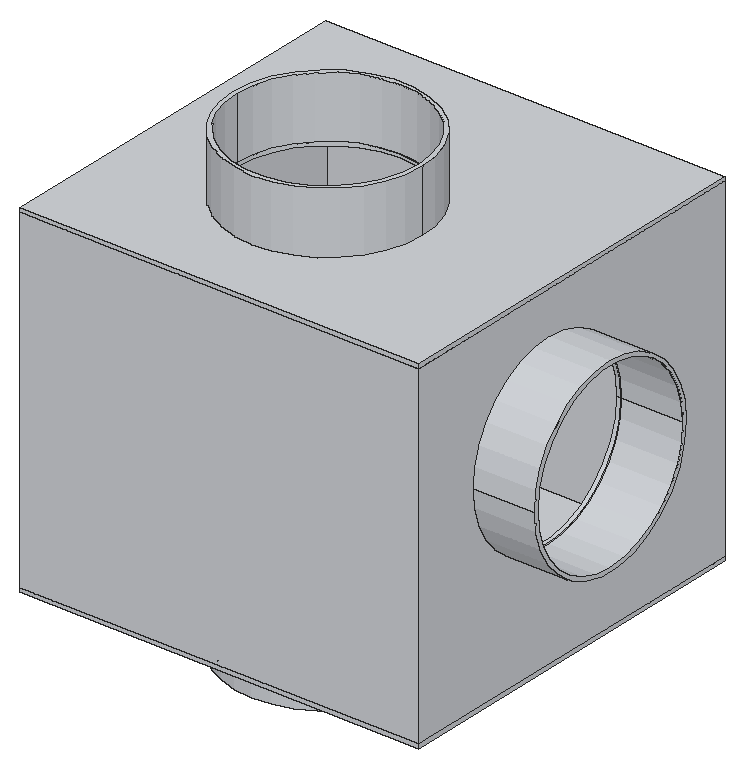
Revit family "CBP", category Air Terminals, Revit 2012
Parameters (values of type "CBP-06")
  URL = "http://www.innes.com.mx"
  Radio ext D = Radio D + 1/8"  # 3 1/16"
  Radio D = 2 15/16"
  Mínima velocidad de cuello = 0 FPM
  Mínima presión estática = 0.00 in-wg
  Máximo nivel d ruido (NC) = ""
  Máxima velocidad de cuello = 0 FPM
  Máxima presión estática = 0.00 in-wg
  Material = ""
  Manufacturer = "INNES"
  Largo espesor L = Largo L - 1/4"  # 12 1/8"
  Largo L = 12 3/8"
  Cuello = ""
  Centro circunferencia C = 6 9/16"
  Centro circunferencia A = 7 1/8"
  Ancho espesor W = Ancho W - 1/4"  # 12 5/8"
  Ancho W = 12 7/8"
  Altura H = 11 1/8"
Types (5): name | Radio ext D | Radio D | Largo espesor L | Largo L | Centro circunferencia C | Centro circunferencia A | Ancho espesor W | Ancho W | Altura H
  (no name) | 3 1/16" | 2 15/16" | 12 1/8" | 12 3/8" | 6 9/16" | 7 1/8" | 12 5/8" | 12 7/8" | 11 1/8"
  CBP-06 | 3 1/16" | 2 15/16" | 12 1/8" | 12 3/8" | 6 9/16" | 7 1/8" | 12 5/8" | 12 7/8" | 11 1/8"
  CBP-10 | 5 1/16" | 4 15/16" | 14 1/8" | 14 3/8" | 6 9/16" | 8 1/8" | 14 5/8" | 14 7/8" | 13 1/8"
  CBP-12 | 6 1/16" | 5 15/16" | 18 1/8" | 18 3/8" | 8 9/16" | 10 1/8" | 18 5/8" | 18 7/8" | 17 1/8"
  CBP-16 | 8 1/16" | 7 15/16" | 22 1/8" | 22 3/8" | 10 9/16" | 12 1/8" | 22 5/8" | 22 7/8" | 21 1/8"
Reference planes (in)
  plane 1 "Center (Front/Back)": y = 0
  plane 2: z = 0
  plane 3 "Center (Left/Right)": x = 0
  plane 4 "Altura perfil 1": z = 2
  plane 5: y = 6.1875
  plane 6: y = -6.1875
  plane 7: x = -6.4375
  plane 8: x = 6.4375
  plane 9 "Alto placa": z = 2.125
  plane 10 "Altura caja": z = 13
  plane 11: y = 6.0625
  plane 12: y = -6.0625
  plane 13: x = -6.3125
  plane 14: x = 6.3125
  plane 15: y = -0.9375
  plane 16: x = -0.6875
  plane 17 "Alto placa superior": z = 13.125
  plane 18 "Altura perfil superior": z = 15.125
  plane 19: z = 8.5625
  plane 20: x = 8.4375
Forms (in)
  Extrusion 1, solid
    sketch origin (0, 0, 2.125) x (-1, 0, 0) y (0, -1, 0)
      loop
        line (6.4375, -6.1875) -> (6.4375, 6.1875) -> (-6.4375, 6.1875) -> (-6.4375, -6.1875) -> (6.4375, -6.1875)
      loop
        line (6.3125, -6.0625) -> (6.3125, 6.0625) -> (-6.3125, 6.0625) -> (-6.3125, -6.0625) -> (6.3125, -6.0625)
    from 0 to 10.875
  Extrusion 2, solid
    sketch origin (0, 0, 0) x (1, 0, 0) y (0, 1, 0)
      loop
        circle (-0.6875, -0.9375) r 2.9375
      loop
        circle (-0.6875, -0.9375) r 3.0625
    from 0 to 2
  Extrusion 3, solid
    sketch origin (0, 0, 2) x (-1, 0, 0) y (0, -1, 0)
      loop
        line (6.4375, -6.1875) -> (6.4375, 6.1875) -> (-6.4375, 6.1875) -> (-6.4375, -6.1875) -> (6.4375, -6.1875)
      loop
        circle (0.6875, 0.9375) r 2.9375
    from 0 to 0.125
  Extrusion 4, solid
    sketch origin (0, 0, 2) x (-1, 0, 0) y (0, -1, 0)
      loop
        line (6.4375, -6.1875) -> (6.4375, 6.1875) -> (-6.4375, 6.1875) -> (-6.4375, -6.1875) -> (6.4375, -6.1875)
      loop
        circle (0.6875, 0.9375) r 2.9375
    from 0 to 0.125
  Extrusion 5, solid
    sketch origin (0, 0, 13) x (-1, 0, 0) y (0, -1, 0)
      loop
        line (6.4375, -6.1875) -> (6.4375, 6.1875) -> (-6.4375, 6.1875) -> (-6.4375, -6.1875) -> (6.4375, -6.1875)
      loop
        circle (0.6875, 0.9375) r 2.9375
    from 0 to 0.125
  Extrusion 6, solid
    sketch origin (0, 0, 13.125) x (-1, 0, 0) y (0, -1, 0)
      loop
        circle (0.6875, 0.9375) r 2.9375
      loop
        circle (0.6875, 0.9375) r 3.0625
    from 0 to 2
  Extrusion 7, void
    sketch origin (0, 0, 0) x (0, 1, 0) y (0, 0, 1)
      loop
        circle (-0.9375, 8.5625) r 2.9375
    from 6.3125 to 6.4375
  Extrusion 8, solid
    sketch origin (0, 0, 0) x (0, 1, 0) y (0, 0, 1)
      loop
        circle (-0.9375, 8.5625) r 2.9375
      loop
        circle (-0.9375, 8.5625) r 3.0625
    from 6.4375 to 8.4375
  Sweep 9, solid
    path origin (0, 0, 0) x (0, 1, 0) y (0, 0, 1)
      loop
        line (6.0625, 13) -> (-6.0625, 2.125)
    profile origin (0, 0, 7.5625) x (0, 0.667692, -0.744438) y (1, 0, 0)
      loop
        line (0.14834, -0.10563) -> (0.14834, 0.07417) -> (-0.10166, 0.07417) -> (-0.10166, -0.10563) -> (0.14834, -0.10563)
Cuts and joins
  Extrusion 7 cuts Extrusion 1
Dimensions and locks (in)
  locked: plane 4 "Altura perfil 1" to level at 2
  equal spacing: plane 7, plane 3 "Center (Left/Right)", plane 8
  "Ancho W": plane 7 to plane 8
  equal spacing: plane 5, plane 1 "Center (Front/Back)", plane 6
  "Largo L": plane 5 to plane 6
  locked: plane 9 "Alto placa" to plane 4 "Altura perfil 1" at 0.125
  equal spacing: plane 13, plane 3 "Center (Left/Right)", plane 14
  "Ancho espesor W": plane 13 to plane 14
  equal spacing: plane 11, plane 1 "Center (Front/Back)", plane 12
  "Largo espesor L": plane 11 to plane 12
  "Centro circunferencia A": plane 16 to plane 8
  "Centro circunferencia A": plane 5 to plane 15
  locked: plane 17 "Alto placa superior" to plane 10 "Altura caja" at 0.125
  plane 18 "Altura perfil superior" to plane 17 "Alto placa superior" = 2"
  "Altura H": plane 17 "Alto placa superior" to plane 4 "Altura perfil 1"
  "Centro circunferencia C": plane 19 to plane 4 "Altura perfil 1"
  locked: plane 20 to plane 8 at 2
  "Radio D": radius of Extrusion 2 sketch curve
  "Radio ext D": radius of Extrusion 2 sketch curve
  "Radio D": radius of Extrusion 3 sketch curve
  "Radio D": radius of Extrusion 4 sketch curve
  "Radio D": radius of Extrusion 5 sketch curve
  "Radio D": radius of Extrusion 6 sketch curve
  "Radio ext D": radius of Extrusion 6 sketch curve
  "Radio D": radius of Extrusion 7 sketch curve
  "Radio D": radius of Extrusion 8 sketch curve
  "Radio ext D": radius of Extrusion 8 sketch curve
  aligned and locked: plane 2 to level
  aligned and locked: Extrusion 1 sketch curve to plane 11
  aligned and locked: plane 13 to Extrusion 1 sketch curve
  aligned and locked: plane 12 to Extrusion 1 sketch curve
  aligned and locked: Extrusion 1 sketch curve to plane 14
  aligned and locked: plane 10 "Altura caja" to Extrusion 1
  aligned and locked: plane 8 to Extrusion 7
  aligned and locked: plane 20 to Extrusion 8
Automatic sketch dimensions
  Extrusion 1 sketch curve to plane 5 = 0"
  Extrusion 1 sketch curve to plane 8 = 0"
  Extrusion 1 sketch curve to plane 7 = 0"
  Extrusion 1 sketch curve to plane 6 = 0"
  Extrusion 2 sketch curve to Extrusion 2 sketch curve = 0"  (x2)
  Extrusion 2 sketch curve to plane 15 = 0"
  Extrusion 2 sketch curve to plane 16 = 0"
  Extrusion 3 sketch curve to plane 15 = 0"
  Extrusion 3 sketch curve to plane 16 = 0"
  Extrusion 4 sketch curve to plane 5 = 0"
  Extrusion 4 sketch curve to plane 8 = 0"
  Extrusion 4 sketch curve to plane 15 = 0"
  Extrusion 4 sketch curve to plane 16 = 0"
  Extrusion 4 sketch curve to plane 7 = 0"
  Extrusion 4 sketch curve to plane 6 = 0"
  Extrusion 5 sketch curve to plane 15 = 0"
  Extrusion 5 sketch curve to plane 16 = 0"
  Extrusion 6 sketch curve to Extrusion 6 sketch curve = 0"  (x2)
  Extrusion 6 sketch curve to plane 15 = 0"
  Extrusion 6 sketch curve to plane 16 = 0"
  Extrusion 3 sketch curve to plane 5 = 0"
  Extrusion 3 sketch curve to plane 8 = 0"
  Extrusion 3 sketch curve to plane 7 = 0"
  Extrusion 3 sketch curve to plane 6 = 0"
  Extrusion 5 sketch curve to plane 5 = 0"
  Extrusion 5 sketch curve to plane 8 = 0"
  Extrusion 5 sketch curve to plane 7 = 0"
  Extrusion 5 sketch curve to plane 6 = 0"
  Extrusion 7 sketch curve to plane 15 = 0"
  Extrusion 7 sketch curve to plane 19 = 0"
  Extrusion 8 sketch curve to Extrusion 8 sketch curve = 0"  (x2)
  Extrusion 8 sketch curve to plane 15 = 0"
  Extrusion 8 sketch curve to plane 19 = 0"
  Sweep 9 sketch curve to plane 9 "Alto placa" = 0"
  Sweep 9 sketch curve to plane 12 = 0"
  Sweep 9 sketch curve to plane 10 "Altura caja" = 0"
  Sweep 9 sketch curve to plane 11 = 0"
  profile plane to Sweep 9 sketch curve = 0.10166"
  Sweep 9 sketch curve to profile plane = 0.14834"
  Sweep 9 sketch curve to plane 3 "Center (Left/Right)" = 0.10563"
  plane 3 "Center (Left/Right)" to Sweep 9 sketch curve = 0.07417"
